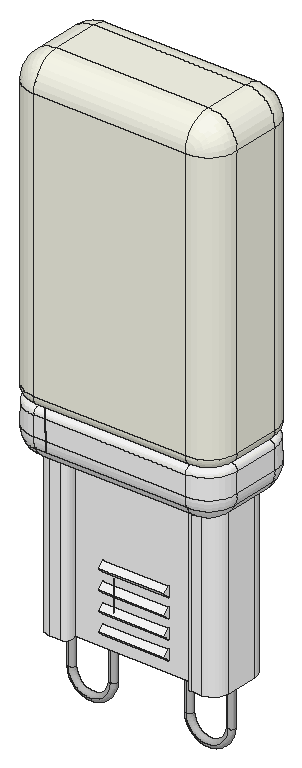
Revit family "STL21121_27_30_40_50", category Luminárias, Revit 2023
Family settings
  Cota do conector redondo = Utilizar diâmetro
  Tipo de parte = Normal
  Com base no plano de trabalho = Não
  Sempre na vertical = Sim
  Corte com vazios quando carregada = Não
  Fonte luminosa = Sim
  Manter orientação da anotação = Não
  Compartilhado = Não
  Ponto de cálculo do ambiente = Não
Parameters (values of type "STL21121/27 - 127V")
  Ângulo de inclinação = 90.00°
  Ângulo de Abertura = "280º"
  Wattage = 1.00982 W
  URL = "https://stella.com.br/"
  Troca de temperatura da cor de lâmpada com esmaecimento = <Nenhum>
  Tensão Elétrica = "127V"
  built-in parameter 1150107 = 2700 (stored number, unit not read)
  Temperatura da cor (K) [instance] = 2700 K
  Referência [instance] = "STL21121/27 - 127V"
  Potência = 1.7 W
  built-in parameter 1150110 = 1 (stored number, unit not read)
  built-in parameter 1150109 = 1 (stored number, unit not read)
  built-in parameter 1114218 = 1 (stored number, unit not read)
  built-in parameter 1150112 = 1 (stored number, unit not read)
  built-in parameter 1150113 = 1 (stored number, unit not read)
  built-in parameter 1150132 = 2
  built-in parameter 1150137 = (empty or 0)
  Modelo = "Bipino G9"
  built-in parameter 1150106 = 0.11937 (stored number, unit not read)
  built-in parameter 1150102 = (empty or 0)
  built-in parameter 1150105 = 11.937 (stored number, unit not read)
  LED = Luminoso - 2700K
  Largura = 0.008 m
  IRC (Índice de reprodução de cores) = ">80"
  Grau de proteção (IP) = "IP20"
  Fluxo Luminoso [instance] = 150 lm
  Color Filter = 16777215
  built-in parameter 1114217 = 1 (stored number, unit not read)
  built-in parameter 1150139 = (empty or 0)
  Fabricante = "Stella"
  Estrutura = Al - Branco
  Default Elevation = 0.00 m
  built-in parameter 1150104 = 13.8 (stored number, unit not read)
  Dimerização = "Não dimerizável"
  built-in parameter 1150115 = 1 (stored number, unit not read)
  built-in parameter 1150114 = 1 (stored number, unit not read)
  Cromado = Cromado
  Lumens = 150 lm
  built-in parameter 1150138 = (empty or 0)
  built-in parameter 1150134 = (empty or 0)
  Comprimento = 0.016 m
  Arquivo de rede fotométrica = "STELLA - STL21121-27 - BIPINO G9 1,7W .ies"
  Altura [instance] = 0.045 m
  built-in parameter 1150133 = 10 (stored number, unit not read)
Types (5, lengths in m): name | Wattage | built-in parameter 1150107 | Temperatura da cor (K) | Referência | built-in parameter 1150106 | built-in parameter 1150105 | LED | Fluxo Luminoso | Lumens | built-in parameter 1150134 | Arquivo de rede fotométrica
  (no name) | 1.00982 W | 2700 (stored number, unit not read) | 2700 K | "STL21121/27 - 127V" | 0.11937 (stored number, unit not read) | 11.937 (stored number, unit not read) | Luminoso - 2700K | 150 lm | 150 lm | (empty or 0) | "STELLA - STL21121-27 - BIPINO G9 1,7W .ies"
  STL21121/27 - 127V | 1.00982 W | 2700 (stored number, unit not read) | 2700 K | "STL21121/27 - 127V" | 0.11937 (stored number, unit not read) | 11.937 (stored number, unit not read) | Luminoso - 2700K | 150 lm | 150 lm | (empty or 0) | "STELLA - STL21121-27 - BIPINO G9 1,7W .ies"
  STL21121/30 - 127V | 1.07714 W | 3000 (stored number, unit not read) | 3000 K | "STL21121/30 - 127V" | 0.12732 (stored number, unit not read) | 12.732 (stored number, unit not read) | Luminoso - 3000K | 160 lm | 160 lm | (empty or 0) | "STELLA - STL21121-30 - BIPINO G9 1,7W .ies"
  STL21121/40 - 127V | 1.14446 W | 4000 (stored number, unit not read) | 4000 K | "STL21121/40 - 127V" | 0.13528 (stored number, unit not read) | 13.528 (stored number, unit not read) | Luminoso - 4000K | 170 lm | 170 lm | 12 | "STELLA - STL21121-40 - BIPINO G9 1,7W .ies"
  STL21121/50 - 127V | 1.14446 W | 5000 (stored number, unit not read) | 5000 K | "STL21121/50 - 127V" | 0.13528 (stored number, unit not read) | 13.528 (stored number, unit not read) | Luminoso - 5000K | 170 lm | 170 lm | 2 | "STELLA - STL21121-50 - BIPINO G9 1,7W.ies"
Reference planes (m)
  plane 1 "Centro (Frente/Trás)": y = 0
  plane 2: z = 0
  plane 3 "Centro (Esquerda/Direita)": x = 0
  plane 4: x = -0.008
  plane 5: x = 0.008
  plane 6: y = 0.004
  plane 7: y = -0.004
  plane 8 "Superior": z = 0.0225
  plane 9 "Inferior": z = -0.0225
Forms (m)
  Extrusion 1, solid, material "Luminoso - 2700K" <- "LED"
    sketch origin (0, 0, 0) x (1, 0, 0) y (0, 1, 0)
      loop
        arc (-0.0058, 0.004) -> (-0.007356, 0.003356) -> (-0.008, 0.0018) r 0.0022
        line (-0.008, 0.0018) -> (-0.008, -0.0018)
        arc (-0.008, -0.0018) -> (-0.007356, -0.003356) -> (-0.0058, -0.004) r 0.0022
        line (-0.0058, -0.004) -> (0.0058, -0.004)
        arc (0.0058, -0.004) -> (0.007356, -0.003356) -> (0.008, -0.0018) r 0.0022
        line (0.008, -0.0018) -> (0.008, 0.0018)
        arc (0.008, 0.0018) -> (0.007356, 0.003356) -> (0.0058, 0.004) r 0.0022
        line (0.0058, 0.004) -> (-0.0058, 0.004)
      loop
        line (-0.007, 0.0018) -> (-0.007, -0.0018)
        arc (-0.007, -0.0018) -> (-0.006649, -0.002649) -> (-0.0058, -0.003) r 0.0012
        line (-0.0058, -0.003) -> (0.0058, -0.003)
        arc (0.0058, -0.003) -> (0.006649, -0.002649) -> (0.007, -0.0018) r 0.0012
        line (0.007, -0.0018) -> (0.007, 0.0018)
        arc (0.007, 0.0018) -> (0.006649, 0.002649) -> (0.0058, 0.003) r 0.0012
        line (0.0058, 0.003) -> (-0.0058, 0.003)
        arc (-0.0058, 0.003) -> (-0.006649, 0.002649) -> (-0.007, 0.0018) r 0.0012
    from -0.00042 to 0.0203
  Extrusion 2, solid, material "Luminoso - 2700K" <- "LED"
    sketch origin (-0.029175, -0.011788, 0) x (1, 0, 0) y (0, 1, 0)
      loop
        line (0.023375, 0.013588) -> (0.023375, 0.009988) -> (0.034975, 0.009988) -> (0.034975, 0.013588) -> (0.023375, 0.013588)
    from 0.0215 to 0.0225
  Extrusion 3, solid, material "Luminoso - 2700K" <- "LED"
    sketch origin (0, 0, 0) x (1, 0, 0) y (0, 0, 1)
      loop
        arc (-0.0058, 0.0225) -> (-0.007356, 0.021856) -> (-0.008, 0.0203) r 0.0022
        line (-0.008, 0.0203) -> (-0.0058, 0.0203) -> (-0.0058, 0.0225)
      loop
        line (0.0058, 0.0225) -> (0.0058, 0.0203) -> (0.008, 0.0203)
        arc (0.008, 0.0203) -> (0.007356, 0.021856) -> (0.0058, 0.0225) r 0.0022
    from -0.0018 to 0.0018
  Extrusion 4, solid, material "Luminoso - 2700K" <- "LED"
    sketch origin (0, 0, 0) x (0, 1, 0) y (0, 0, 1)
      loop
        line (0.0018, 0.0203) -> (0.004, 0.0203)
        arc (0.004, 0.0203) -> (0.003356, 0.021856) -> (0.0018, 0.0225) r 0.0022
        line (0.0018, 0.0225) -> (0.0018, 0.0203)
      loop
        arc (-0.0018, 0.0225) -> (-0.003356, 0.021856) -> (-0.004, 0.0203) r 0.0022
        line (-0.004, 0.0203) -> (-0.0018, 0.0203) -> (-0.0018, 0.0225)
    from -0.0058 to 0.0058
  Sweep 5, solid, material "Al - Branco" <- "Estrutura"
    path origin (0, 0, 0) x (1, 0, 0) y (0, 1, 0)
      loop
        arc (-0.0058, 0.004) -> (-0.007356, 0.003356) -> (-0.008, 0.0018) r 0.0022
        line (-0.008, 0.0018) -> (-0.008, -0.0018)
        arc (-0.008, -0.0018) -> (-0.007356, -0.003356) -> (-0.0058, -0.004) r 0.0022
        line (-0.0058, -0.004) -> (0.0058, -0.004)
        arc (0.0058, -0.004) -> (0.007356, -0.003356) -> (0.008, -0.0018) r 0.0022
        line (0.008, -0.0018) -> (0.008, 0.0018)
        arc (0.008, 0.0018) -> (0.007356, 0.003356) -> (0.0058, 0.004) r 0.0022
        line (0.0058, 0.004) -> (-0.0058, 0.004)
    profile origin (0, 0.004, 0) x (0, 1, 0) y (0, 0, 1)
      loop
        arc (-0.000837, 0.002114) -> (-0.000988, 0.002534) -> (-0.001361, 0.00278) r 0.000709
        line (-0.001361, 0.00278) -> (-0.001567, -0.005101)
        arc (-0.001567, -0.005101) -> (-0.000758, -0.004749) -> (-0.000195, -0.00407) r 0.0019
        arc (-0.000195, -0.00407) -> (-0.000046, -0.003645) -> (0, -0.003197) r 0.0019
        line (0, -0.003197) -> (-0.000027, -0.001672)
        spline (-0.000027, -0.001672) -> (-0.000032, -0.001638) -> (-0.000038, -0.001595) -> (-0.000047, -0.001545) -> (-0.000063, -0.001491) -> (-0.000087, -0.001435) -> (-0.000124, -0.00138) -> (-0.000175, -0.001329) -> (-0.000244, -0.001284) -> (-0.000333, -0.001248) -> (-0.000445, -0.001224) -> (-0.000583, -0.001214) -> (-0.00075, -0.00122)
        line (-0.00075, -0.00122) -> (-0.000837, 0.002114)
  Extrusion 6, solid, material "Al - Branco" <- "Estrutura"
    sketch origin (-0.02767, 0.029267, 0) x (1, 0, 0) y (0, 1, 0)
      loop
        spline (0.023056, -0.027767) -> (0.023089, -0.027628) -> (0.02311, -0.027502) -> (0.023119, -0.027386) -> (0.023116, -0.027282) -> (0.023102, -0.027189) -> (0.023075, -0.027107) -> (0.023037, -0.027037) -> (0.022988, -0.026978) -> (0.022926, -0.026931) -> (0.022852, -0.026894) -> (0.022767, -0.026869) -> (0.02267, -0.026856)
        line (0.02267, -0.026856) -> (0.02187, -0.026856)
        arc (0.02187, -0.026856) -> (0.021075, -0.027214) -> (0.020749, -0.028022) r 0.001168
        line (0.020749, -0.028022) -> (0.020749, -0.030511)
        arc (0.020749, -0.030511) -> (0.021075, -0.03132) -> (0.02187, -0.031677) r 0.001168
        line (0.02187, -0.031677) -> (0.02267, -0.031677)
        spline (0.02267, -0.031677) -> (0.022767, -0.031664) -> (0.022852, -0.031639) -> (0.022926, -0.031602) -> (0.022988, -0.031555) -> (0.023037, -0.031496) -> (0.023075, -0.031426) -> (0.023102, -0.031344) -> (0.023116, -0.031251) -> (0.023119, -0.031147) -> (0.02311, -0.031032) -> (0.023089, -0.030905) -> (0.023056, -0.030767)
        line (0.023056, -0.030767) -> (0.032284, -0.030767)
        spline (0.032284, -0.030767) -> (0.032252, -0.030905) -> (0.032231, -0.031032) -> (0.032222, -0.031147) -> (0.032224, -0.031251) -> (0.032239, -0.031344) -> (0.032265, -0.031426) -> (0.032303, -0.031496) -> (0.032353, -0.031555) -> (0.032415, -0.031602) -> (0.032488, -0.031639) -> (0.032573, -0.031664) -> (0.03267, -0.031677)
        line (0.03267, -0.031677) -> (0.03347, -0.031677)
        arc (0.03347, -0.031677) -> (0.034266, -0.03132) -> (0.034591, -0.030511) r 0.001168
        line (0.034591, -0.030511) -> (0.034591, -0.028022)
        arc (0.034591, -0.028022) -> (0.034266, -0.027214) -> (0.03347, -0.026856) r 0.001168
        line (0.03347, -0.026856) -> (0.03267, -0.026856)
        spline (0.03267, -0.026856) -> (0.032573, -0.026869) -> (0.032488, -0.026894) -> (0.032415, -0.026931) -> (0.032353, -0.026978) -> (0.032303, -0.027037) -> (0.032265, -0.027107) -> (0.032239, -0.027189) -> (0.032224, -0.027282) -> (0.032222, -0.027386) -> (0.032231, -0.027502) -> (0.032252, -0.027628) -> (0.032284, -0.027767)
        line (0.032284, -0.027767) -> (0.023056, -0.027767)
      loop
        arc (0.02157, -0.028892) -> (0.02117, -0.029292) -> (0.02157, -0.029692) r 0.0004
        line (0.02157, -0.029692) -> (0.02477, -0.029692)
        arc (0.02477, -0.029692) -> (0.02517, -0.029292) -> (0.02477, -0.028892) r 0.0004
        line (0.02477, -0.028892) -> (0.02157, -0.028892)
      loop
        line (0.03377, -0.028892) -> (0.03057, -0.028892)
        arc (0.03057, -0.028892) -> (0.03017, -0.029292) -> (0.03057, -0.029692) r 0.0004
        line (0.03057, -0.029692) -> (0.03377, -0.029692)
        arc (0.03377, -0.029692) -> (0.03417, -0.029292) -> (0.03377, -0.028892) r 0.0004
    from -0.0175 to -0.00407
  Extrusion 7, solid
    sketch origin (0, 0, 0) x (1, 0, 0) y (0, 1, 0)
      loop
        line (-0.006433, 0.0018) -> (-0.006433, -0.0018)
        arc (-0.006433, -0.0018) -> (-0.006248, -0.002248) -> (-0.0058, -0.002433) r 0.000633
        line (-0.0058, -0.002433) -> (0.0058, -0.002433)
        arc (0.0058, -0.002433) -> (0.006248, -0.002248) -> (0.006433, -0.0018) r 0.000633
        line (0.006433, -0.0018) -> (0.006433, 0.0018)
        arc (0.006433, 0.0018) -> (0.006248, 0.002248) -> (0.0058, 0.002433) r 0.000633
        line (0.0058, 0.002433) -> (-0.0058, 0.002433)
        arc (-0.0058, 0.002433) -> (-0.006248, 0.002248) -> (-0.006433, 0.0018) r 0.000633
    from -0.005101 to -0.00407
  Extrusion 8, solid, material "Al - Branco" <- "Estrutura"
    sketch origin (0, 0, 0) x (0, 1, 0) y (0, 0, 1)
      loop
        line (-0.001334, -0.011384) -> (-0.0019, -0.01195) -> (-0.001334, -0.012516) -> (-0.001334, -0.011384)
    from -0.0025 to 0.0025
  Extrusion 9, solid, material "Al - Branco" <- "Estrutura"
    sketch origin (0, 0, -0.00145) x (0, 1, 0) y (0, 0, 1)
      loop
        line (-0.001334, -0.011384) -> (-0.0019, -0.01195) -> (-0.001334, -0.012516) -> (-0.001334, -0.011384)
    from -0.0025 to 0.0025
  Extrusion 10, solid, material "Al - Branco" <- "Estrutura"
    sketch origin (0, 0, -0.0029) x (0, 1, 0) y (0, 0, 1)
      loop
        line (-0.001334, -0.011384) -> (-0.0019, -0.01195) -> (-0.001334, -0.012516) -> (-0.001334, -0.011384)
    from -0.0025 to 0.0025
  Extrusion 11, solid, material "Al - Branco" <- "Estrutura"
    sketch origin (0, 0, -0.00435) x (0, 1, 0) y (0, 0, 1)
      loop
        line (-0.001334, -0.011384) -> (-0.0019, -0.01195) -> (-0.001334, -0.012516) -> (-0.001334, -0.011384)
    from -0.0025 to 0.0025
  Extrusion 12, solid, material "Al - Branco" <- "Estrutura"
    sketch origin (0, 0, 0) x (0, -1, 0) y (0, 0, -1)
      loop
        line (-0.001334, 0.011384) -> (-0.001334, 0.012516) -> (-0.0019, 0.01195) -> (-0.001334, 0.011384)
    from -0.0025 to 0.0025
  Extrusion 13, solid, material "Al - Branco" <- "Estrutura"
    sketch origin (0, 0, -0.00145) x (0, -1, 0) y (0, 0, -1)
      loop
        line (-0.001334, 0.011384) -> (-0.001334, 0.012516) -> (-0.0019, 0.01195) -> (-0.001334, 0.011384)
    from -0.0025 to 0.0025
  Extrusion 14, solid, material "Al - Branco" <- "Estrutura"
    sketch origin (0, 0, -0.0029) x (0, -1, 0) y (0, 0, -1)
      loop
        line (-0.001334, 0.011384) -> (-0.001334, 0.012516) -> (-0.0019, 0.01195) -> (-0.001334, 0.011384)
    from -0.0025 to 0.0025
  Extrusion 15, solid, material "Al - Branco" <- "Estrutura"
    sketch origin (0, 0, -0.00435) x (0, -1, 0) y (0, 0, -1)
      loop
        line (-0.001334, 0.011384) -> (-0.001334, 0.012516) -> (-0.0019, 0.01195) -> (-0.001334, 0.011384)
    from -0.0025 to 0.0025
  Sweep 16, solid, material "Luminoso - 2700K" <- "LED"
    path origin (0, 0, 0) x (1, 0, 0) y (0, 1, 0)
      loop
        arc (-0.0058, 0.004) -> (-0.007356, 0.003356) -> (-0.008, 0.0018) r 0.0022
        line (-0.008, 0.0018) -> (-0.008, -0.0018)
        arc (-0.008, -0.0018) -> (-0.007356, -0.003356) -> (-0.0058, -0.004) r 0.0022
        line (-0.0058, -0.004) -> (0.0058, -0.004)
        arc (0.0058, -0.004) -> (0.007356, -0.003356) -> (0.008, -0.0018) r 0.0022
        line (0.008, -0.0018) -> (0.008, 0.0018)
        arc (0.008, 0.0018) -> (0.007356, 0.003356) -> (0.0058, 0.004) r 0.0022
        line (0.0058, 0.004) -> (-0.0058, 0.004)
    profile origin (-0.008, 0, 0) x (1, 0, 0) y (0, 0, 1)
      loop
        line (0.0008, -0.00122) -> (0.0008, -0.00042) -> (0, -0.00042)
        arc (0, -0.00042) -> (0.000234, -0.000986) -> (0.0008, -0.00122) r 0.0008
  Sweep 17, solid, material "Cromado" <- "Cromado"
    path origin (0, 0, 0.000775) x (1, 0, 0) y (0, 0, 1)
      loop
        line (-0.002905, -0.0109) -> (-0.002905, -0.0214)
        arc (-0.002905, -0.0214) -> (-0.004505, -0.023) -> (-0.006104, -0.0214) r 0.0016
        line (-0.006104, -0.0214) -> (-0.006104, -0.012899)
    profile origin (-0.002905, 0, -0.015375) x (0, -1, 0) y (1, 0, 0)
      loop
        circle (0, 0) r 0.00028
  Sweep 18, solid, material "Cromado" <- "Cromado"
    path origin (0, 0, 0.000775) x (-1, 0, 0) y (0, 0, -1)
      loop
        line (-0.002905, 0.0109) -> (-0.002905, 0.0214)
        arc (-0.002905, 0.0214) -> (-0.004505, 0.023) -> (-0.006104, 0.0214) r 0.0016
        line (-0.006104, 0.0214) -> (-0.006104, 0.012899)
    profile origin (0.002905, 0, -0.015375) x (0, -1, 0) y (1, 0, 0)
      loop
        circle (0, 0) r 0.00028
  Revolve 19, solid, material "Luminoso - 2700K" <- "LED"
    sketch origin (0, 0, 0.0203) x (-1, 0, 0) y (0, -1, 0)
      loop
        line (-0.0058, -0.004) -> (-0.0058, -0.0018) -> (-0.008, -0.0018)
        arc (-0.008, -0.0018) -> (-0.007356, -0.003356) -> (-0.0058, -0.004) r 0.0022
      axis (-0.0058, -0.004) -> (-0.0058, -0.0018)
    angle from 0 to -90
  Revolve 20, solid, material "Luminoso - 2700K" <- "LED"
    sketch origin (0, 0, 0.0203) x (1, 0, 0) y (0, 1, 0)
      loop
        line (-0.0058, -0.004) -> (-0.0058, -0.0018) -> (-0.008, -0.0018)
        arc (-0.008, -0.0018) -> (-0.007356, -0.003356) -> (-0.0058, -0.004) r 0.0022
      axis (-0.0058, -0.004) -> (-0.0058, -0.0018)
    angle from 0 to -90
  Revolve 21, solid, material "Luminoso - 2700K" <- "LED"
    sketch origin (0, 0, 0.0203) x (-1, 0, 0) y (0, -1, 0)
      loop
        arc (-0.0058, 0.004) -> (-0.007356, 0.003356) -> (-0.008, 0.0018) r 0.0022
        line (-0.008, 0.0018) -> (-0.0058, 0.0018) -> (-0.0058, 0.004)
      axis (-0.0058, 0.004) -> (-0.0058, 0.0018)
    angle from 0 to -90
  Revolve 22, solid, material "Luminoso - 2700K" <- "LED"
    sketch origin (0, 0, 0.0203) x (1, 0, 0) y (0, 1, 0)
      loop
        arc (-0.0058, 0.004) -> (-0.007356, 0.003356) -> (-0.008, 0.0018) r 0.0022
        line (-0.008, 0.0018) -> (-0.0058, 0.0018) -> (-0.0058, 0.004)
      axis (-0.0058, 0.004) -> (-0.0058, 0.0018)
    angle from 0 to -90
Cuts and joins
  joined: Extrusion 2, Extrusion 3, Extrusion 4, Revolve 19, Revolve 20, Revolve 21, Revolve 22
  joined: Extrusion 6, Extrusion 8, Extrusion 9, Extrusion 10, Extrusion 11, Extrusion 12, Extrusion 13, Extrusion 14, Extrusion 15
Dimensions and locks (m)
  "Altura": plane 8 "Superior" to plane 9 "Inferior"
  "Comprimento": plane 4 to plane 5
  "Largura": plane 6 to plane 7
  aligned and locked: level to plane 2
Automatic sketch dimensions
  Extrusion 1 sketch curve to Extrusion 1 sketch curve = 0.00 m  (x8)
  Extrusion 1 sketch curve to plane 4 = 0.00 m
  Extrusion 1 sketch curve to plane 6 = 0.00 m
  Extrusion 1 sketch curve to plane 7 = 0.00 m
  Extrusion 1 sketch curve to plane 5 = 0.00 m
  Extrusion 1 sketch curve to plane 4 = 0.001 m
  Extrusion 1 sketch curve to Extrusion 1 sketch curve = 0.0012 m  (x4)
  Extrusion 2 sketch curve to plane 4 = 0.0022 m
  plane 5 to Extrusion 2 sketch curve = 0.0022 m
  plane 1 "Centro (Frente/Trás)" to Extrusion 2 sketch curve = 0.0018 m
  Extrusion 2 sketch curve to plane 1 "Centro (Frente/Trás)" = 0.0018 m
  plane 4 to Extrusion 3 sketch curve = 0.00 m
  Extrusion 3 sketch curve to plane 8 "Superior" = 0.00 m  (x2)
  plane 5 to Extrusion 3 sketch curve = 0.00 m
  plane 5 to Extrusion 3 sketch curve = 0.0022 m
  Extrusion 4 sketch curve to plane 7 = 0.00 m
  Extrusion 4 sketch curve to plane 8 "Superior" = 0.00 m  (x2)
  Extrusion 4 sketch curve to plane 6 = 0.00 m
  plane 1 "Centro (Frente/Trás)" to Extrusion 4 sketch curve = 0.0018 m
  Extrusion 4 sketch curve to plane 1 "Centro (Frente/Trás)" = 0.0018 m
  Sweep 5 sketch curve to plane 4 = 0.00 m
  Sweep 5 sketch curve to plane 6 = 0.00 m
  Sweep 5 sketch curve to plane 7 = 0.00 m
  Sweep 5 sketch curve to plane 5 = 0.00 m
  Sweep 5 sketch curve to plane 4 = 0.0022 m  (x2)
  Sweep 5 sketch curve to plane 1 "Centro (Frente/Trás)" = 0.0018 m
  plane 1 "Centro (Frente/Trás)" to Sweep 5 sketch curve = 0.0018 m
  Sweep 5 sketch curve to Sweep 5 sketch curve = 0.00 m  (x2)
  Sweep 5 sketch curve to profile plane = 0.00 m
  profile plane to Sweep 5 sketch curve = 0.000027 m
  profile plane to Sweep 5 sketch curve = 0.00075 m
  profile plane to Sweep 5 sketch curve = 0.000837 m
  Sweep 5 sketch curve to Sweep 5 sketch curve = 0.000524 m
  Sweep 5 sketch curve to Sweep 5 sketch curve = 0.000709 m
  profile plane to Sweep 5 sketch curve = 0.001567 m
  profile plane to Sweep 5 sketch curve = 0.0019 m
  Sweep 5 sketch curve to level = 0.005101 m
  Sweep 5 sketch curve to Sweep 5 sketch curve = 0.001871 m
  Sweep 5 sketch curve to Sweep 5 sketch curve = 0.001525 m
  Sweep 5 sketch curve to Sweep 5 sketch curve = 0.000452 m
  level to Sweep 5 sketch curve = 0.002095 m
  Sweep 5 sketch curve to Sweep 5 sketch curve = 0.000019 m
  profile plane to Sweep 5 sketch curve = 0.000195 m
  Extrusion 6 sketch curve to plane 4 = 0.001079 m
  plane 1 "Centro (Frente/Trás)" to Extrusion 6 sketch curve = 0.000025 m
  Extrusion 6 sketch curve to Extrusion 6 sketch curve = 0.000821 m
  Extrusion 6 sketch curve to Extrusion 6 sketch curve = 0.001121 m  (x2)
  Extrusion 6 sketch curve to Extrusion 6 sketch curve = 0.000347 m  (x3)
  Extrusion 6 sketch curve to Extrusion 6 sketch curve = 0.0008 m  (x4)
  Extrusion 6 sketch curve to Extrusion 6 sketch curve = 0.000386 m  (x4)
  Extrusion 6 sketch curve to plane 1 "Centro (Frente/Trás)" = 0.0015 m
  Extrusion 6 sketch curve to plane 1 "Centro (Frente/Trás)" = 0.000375 m  (x2)
  Extrusion 6 sketch curve to Extrusion 6 sketch curve = 0.001714 m  (x3)
  plane 3 "Centro (Esquerda/Direita)" to Extrusion 6 sketch curve = 0.0029 m
  plane 1 "Centro (Frente/Trás)" to Extrusion 6 sketch curve = 0.0015 m
  Extrusion 6 sketch curve to Extrusion 6 sketch curve = 0.001139 m  (x2)
  plane 5 to Extrusion 6 sketch curve = 0.001079 m
  Extrusion 6 sketch curve to Extrusion 6 sketch curve = 0.000911 m  (x2)
  plane 1 "Centro (Frente/Trás)" to Extrusion 6 sketch curve = 0.000425 m
  Extrusion 6 sketch curve to Extrusion 6 sketch curve = 0.000869 m  (x2)
  Extrusion 7 sketch curve to plane 4 = 0.001567 m
  Extrusion 7 sketch curve to Extrusion 7 sketch curve = 0.000633 m  (x3)
  plane 5 to Extrusion 7 sketch curve = 0.0022 m  (x2)
  plane 7 to Extrusion 7 sketch curve = 0.001567 m
  Extrusion 7 sketch curve to plane 1 "Centro (Frente/Trás)" = 0.0018 m
  plane 1 "Centro (Frente/Trás)" to Extrusion 8 sketch curve = 0.0019 m
  Extrusion 8 sketch curve to Extrusion 8 sketch curve = 0.000566 m  (x2)
  plane 9 "Inferior" to Extrusion 8 sketch curve = 0.009984 m
  plane 1 "Centro (Frente/Trás)" to Extrusion 9 sketch curve = 0.0019 m
  Extrusion 9 sketch curve to Extrusion 9 sketch curve = 0.000566 m  (x2)
  plane 9 "Inferior" to Extrusion 9 sketch curve = 0.008534 m
  plane 1 "Centro (Frente/Trás)" to Extrusion 10 sketch curve = 0.0019 m
  Extrusion 10 sketch curve to Extrusion 10 sketch curve = 0.000566 m  (x2)
  plane 9 "Inferior" to Extrusion 10 sketch curve = 0.007084 m
  plane 1 "Centro (Frente/Trás)" to Extrusion 11 sketch curve = 0.0019 m
  Extrusion 11 sketch curve to Extrusion 11 sketch curve = 0.000566 m  (x2)
  plane 9 "Inferior" to Extrusion 11 sketch curve = 0.005634 m
  Extrusion 12 sketch curve to plane 1 "Centro (Frente/Trás)" = 0.0019 m
  Extrusion 12 sketch curve to Extrusion 12 sketch curve = 0.000566 m  (x2)
  plane 9 "Inferior" to Extrusion 12 sketch curve = 0.011116 m
  Extrusion 13 sketch curve to plane 1 "Centro (Frente/Trás)" = 0.0019 m
  Extrusion 13 sketch curve to Extrusion 13 sketch curve = 0.000566 m  (x2)
  plane 9 "Inferior" to Extrusion 13 sketch curve = 0.009666 m
  Extrusion 14 sketch curve to plane 1 "Centro (Frente/Trás)" = 0.0019 m
  Extrusion 14 sketch curve to Extrusion 14 sketch curve = 0.000566 m  (x2)
  plane 9 "Inferior" to Extrusion 14 sketch curve = 0.008216 m
  Extrusion 15 sketch curve to plane 1 "Centro (Frente/Trás)" = 0.0019 m
  Extrusion 15 sketch curve to Extrusion 15 sketch curve = 0.000566 m  (x2)
  plane 9 "Inferior" to Extrusion 15 sketch curve = 0.006766 m
  Sweep 16 sketch curve to plane 4 = 0.00 m
  Sweep 16 sketch curve to plane 7 = 0.00 m
  Sweep 16 sketch curve to plane 6 = 0.00 m
  Sweep 16 sketch curve to plane 5 = 0.00 m
  Sweep 16 sketch curve to plane 4 = 0.0022 m
  Sweep 16 sketch curve to plane 1 "Centro (Frente/Trás)" = 0.0018 m
  plane 1 "Centro (Frente/Trás)" to Sweep 16 sketch curve = 0.0018 m
  plane 5 to Sweep 16 sketch curve = 0.0022 m
  profile plane to Sweep 16 sketch curve = 0.00 m
  Sweep 16 sketch curve to profile plane = 0.0008 m
  Sweep 16 sketch curve to level = 0.00122 m
  Sweep 17 sketch curve to plane 4 = 0.001896 m
  Sweep 17 sketch curve to Sweep 17 sketch curve = 0.0016 m
  plane 9 "Inferior" to Sweep 17 sketch curve = 0.001875 m
  Sweep 17 sketch curve to Sweep 17 sketch curve = 0.008501 m
  Sweep 17 sketch curve to Sweep 17 sketch curve = 0.001999 m
  plane 1 "Centro (Frente/Trás)" to Sweep 17 sketch curve = 0.00 m
  Sweep 17 sketch curve to profile plane = 0.00 m
  plane 5 to Sweep 18 sketch curve = 0.001896 m
  Sweep 18 sketch curve to Sweep 18 sketch curve = 0.0016 m
  plane 9 "Inferior" to Sweep 18 sketch curve = 0.001875 m
  Sweep 18 sketch curve to Sweep 18 sketch curve = 0.008501 m
  Sweep 18 sketch curve to Sweep 18 sketch curve = 0.001999 m
  plane 1 "Centro (Frente/Trás)" to Sweep 18 sketch curve = 0.00 m
  Sweep 18 sketch curve to profile plane = 0.00 m
  Revolve 19 sketch curve to plane 5 = 0.00 m
  Revolve 19 sketch curve to plane 6 = 0.00 m  (x2)
  Revolve 19 sketch curve to plane 1 "Centro (Frente/Trás)" = 0.0018 m
  Revolve 19 sketch curve to Revolve 19 sketch curve = 0.00 m
  Revolve 19 sketch curve to Revolve 19 sketch curve = 0.000307 m
  Revolve 20 sketch curve to plane 4 = 0.00 m
  Revolve 20 sketch curve to plane 7 = 0.00 m  (x2)
  plane 1 "Centro (Frente/Trás)" to Revolve 20 sketch curve = 0.0018 m
  Revolve 20 sketch curve to Revolve 20 sketch curve = 0.00 m
  Revolve 20 sketch curve to Revolve 20 sketch curve = 0.000307 m
  Revolve 21 sketch curve to plane 5 = 0.00 m
  Revolve 21 sketch curve to plane 7 = 0.00 m  (x2)
  plane 1 "Centro (Frente/Trás)" to Revolve 21 sketch curve = 0.0018 m
  Revolve 21 sketch curve to Revolve 21 sketch curve = 0.00 m
  Revolve 21 sketch curve to Revolve 21 sketch curve = 0.000307 m
  Revolve 22 sketch curve to plane 4 = 0.00 m
  Revolve 22 sketch curve to plane 6 = 0.00 m  (x2)
  Revolve 22 sketch curve to plane 1 "Centro (Frente/Trás)" = 0.0018 m
  Revolve 22 sketch curve to Revolve 22 sketch curve = 0.00 m
  Revolve 22 sketch curve to Revolve 22 sketch curve = 0.000307 m
  Extrusion 3 sketch curve to plane 4 = 0.0022 m
  radius of Sweep 17 sketch curve = 0.00028 m
  radius of Sweep 18 sketch curve = 0.00028 m
Connectors (m)
  electrical at (0, 0, -0.0225)
    settings: index 1, voltage 0 V, apparent load 0 VA, apparent load phase1 0 VA, apparent load phase2 0 VA, apparent load phase3 0 VA, power factor 1, load classification "Outro", number of poles 1, system type 31, power factor state 1, is connector primary yes, connector utility no, sub classification motor no, connector description ""
